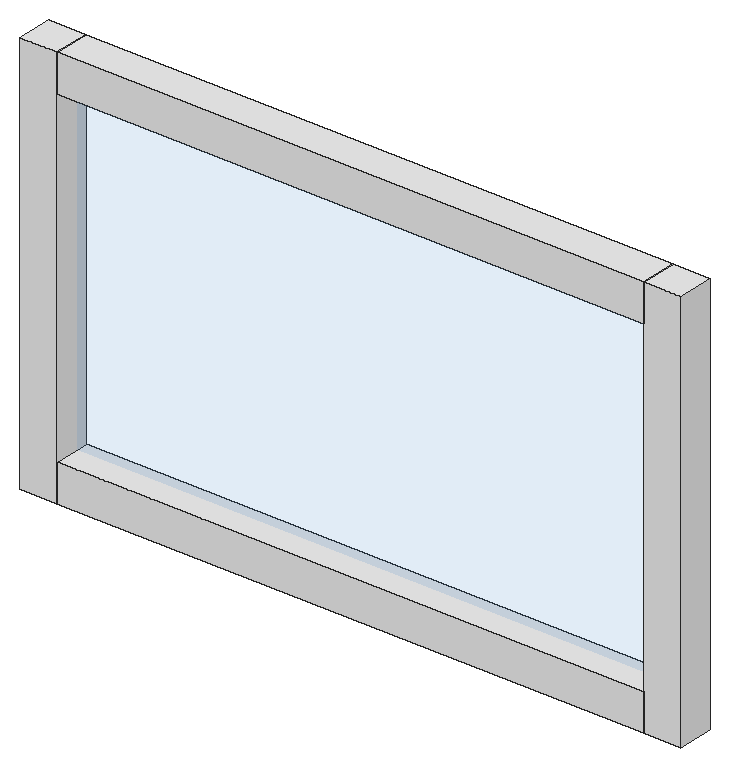
Revit family "Window_Curtain_Wall-Project_Out-Kawneer-AA4325", category Windows, Revit 2015
Parameters (values of type "AA4325 - Project_Out - Vent")
  Window Width [instance] = if(or(CTRL Configuration Number = 2, CTRL Configuration Number = 6, CTRL Configuration Number = 7), CTRL Active Panel Right Width + CTRL Active Panel Left Width + 0' 1 3/4", CTRL Window Width)  # 5' - 0"
  Window Top Inset [instance] = 0' - 0"  # constant formula
  Window Right Inset [instance] = 0' - 0"  # constant formula
  Window Left Inset [instance] = 0' - 0"  # constant formula
  Window Height [instance] = if(or(CTRL Configuration Number = 3, CTRL Configuration Number = 4, CTRL Configuration Number = 6, CTRL Configuration Number = 7), CTRL Panel Fixed Height + CTRL Panel Active Height - 0' 0 9/32", if(CTRL Configuration Number = 5, CTRL Panel Fixed Height + CTRL Panel Active Height - 0' 0 17/64", CTRL Window Height))  # 3' - 0"
  Window Bottom Inset [instance] = 0' - 0"  # constant formula
  Width Minimum = 2' - 0"
  Width Maximum = 5' - 0"
  URL = "http://www.kawneer.com/kawneer/north_america/en/info_page/home.asp"
  Type Comments = ""
  Sill Width = 0' - 3 3/8"  # constant formula
  Product data url = "https://bimobject.com/kawneerna/product/43250"
  Panel Configuration = if(CTRL Configuration Number < 2, "Vent", if(CTRL Configuration Number = 2, "Vent/Vent", if(CTRL Configuration Number = 3, "Vent Fixed-Bottom", if(CTRL Configuration Number = 4, "Fixed/Vent-Bottom", if(CTRL Configuration Number = 5, "Fixed/Vent-Bottom", if(CTRL Configuration Number = 6, "Vent/Vent/Double Fixed Top", if(CTRL Configuration Number = 7, "Vent/Vent/Fixed Top", "Vent")))))))  # "Vent"
  Model = "AA 4325"  # constant formula
  Manufacturer = "Kawneer"  # constant formula
  Keynote = ""
  Jamb Width = 0' - 3 3/8"  # constant formula
  Height Minimum = 1' - 7"
  Height Maximum = 3' - 0"
  Head Width = if(Has Fixed Panel Top, 0' 2 1/4", if(Has Fixed Panel Bottom, 0' 2 1/4", 0' 3 3/8"))  # 0' - 3 3/8"
  Has Triple Glazing [instance] = not(Has Dual Glazing)  # no
  Has Fixed Panel Top = or(CTRL Configuration Number = 4, CTRL Configuration Number = 5, CTRL Configuration Number = 6, CTRL Configuration Number = 7)  # no
  Has Fixed Panel Bottom = or(CTRL Configuration Number = 3)  # no
  Has Equal Panel Heights [instance] = no
  Has Equal Fixed Horizontal Mullion [instance] = yes
  Has Equal Active Panel Width [instance] = yes
  Has Dual Glazing [instance] = yes
  Glazing Thickness [instance] = if(Has Triple Glazing, 0' 2", 0' 1")  # 0' - 1"
  Glazing Material = Glass - Kawneer - Clear
  Frame Material = Metal - Kawneer - Aluminum
  Fixed Sill Width = 0' - 2 1/4"  # constant formula
  Fixed Panel Height [instance] = 3' - 0"
  Fixed Jamb Width = 0' - 2 1/4"  # constant formula
  Fixed Horizontal Mullion Height [instance] = 2' - 0"
  Fixed Horizontal Mullion [instance] = if(Has Equal Fixed Horizontal Mullion, CTRL Panel Fixed Height / 2, Fixed Horizontal Mullion Height)  # 1' - 6 9/128"
  Description = "Project Out Window"  # constant formula
  Depth = 0' - 3 1/4"  # constant formula
  Copyright © = ""
  Construction Type = ""
  Interior Offset [instance] = 0' - 0"  # constant formula
  CTRL Window Width [instance] = if(CTRL Opening Width - Window Right Inset - Window Left Inset < Width Minimum, Width Minimum, if(CTRL Opening Width - Window Right Inset - Window Left Inset > Width Maximum, Width Maximum, CTRL Opening Width - Window Right Inset - Window Left Inset))  # 5' - 0"
  CTRL Window Height [instance] = if(CTRL Opening Height - Window Top Inset - Window Bottom Inset < Height Minimum, Height Minimum, if(CTRL Opening Height - Window Top Inset - Window Bottom Inset > Height Maximum, Height Maximum, CTRL Opening Height - Window Top Inset - Window Bottom Inset))  # 3' - 0"
  CTRL Window Bottom Offset [instance] = if(CTRL Configuration Number = 3, CTRL Fixed Panel Bottom Height + Fixed Sill Width + Window Bottom Inset, 0' 0" + Window Bottom Inset)  # 0' - 0"
  CTRL Top Mullion Offset = if(CTRL Configuration Number > 3, 0' 0", 0' 1 1/8")  # 0' - 1 1/8"
  CTRL Right Panel Inset [instance] = Depth + 0' 0 1/8"  # 0' - 3 3/8"
  CTRL Panel Right Visibility [instance] = or(CTRL Configuration Number = 2, CTRL Configuration Number = 6, CTRL Configuration Number = 7)  # no
  CTRL Panel Middle Visibility [instance] = CTRL Configuration Number > 3  # no
  CTRL Panel Left Visibility [instance] = 1 = 1  # yes
  CTRL Panel Fixed Top Inset [instance] = if(CTRL Configuration Number = 3, CTRL Panel Active Height - Head Width + 0' 1 5/8", 0' 0")  # 0' - 0"
  CTRL Panel Fixed Right Inset [instance] = 0' - 0"  # constant formula
  CTRL Panel Fixed Height [instance] = if(CTRL Configuration Number = 5, if((Fixed Panel Height * 2) + 0' 0 1/8" > (Height Maximum * 2), (Height Maximum * 2 + 0' 0 1/8"), if((Fixed Panel Height * 2) + 0' 0 1/8" < (Height Minimum * 2), (Height Minimum * 2 + 0' 0 1/8"), ((Fixed Panel Height * 2) + 0' 0 1/8"))), if(Has Equal Panel Heights, if(((Fixed Panel Height + Active Panel Height) / 2) + 0' 0 9/64" > Height Maximum, Height Maximum + 0' 0 9/64", if(Fixed Panel Height + 0' 0 9/64" > Height Maximum, ((Fixed Panel Height + Active Panel Height) / 2) + 0' 0 9/64", if(Fixed Panel Height + 0' 0 9/64" < Height Minimum, ((Fixed Panel Height + Active Panel Height) / 2) + 0' 0 9/64", ((Fixed Panel Height + Active Panel Height) / 2) + 0' 0 9/64"))), if(Fixed Panel Height + 0' 0 9/64" > Height Maximum, Height Maximum + 0' 0 9/64", if(Fixed Panel Height + 0' 0 9/64" < Height Minimum, Height Minimum + 0' 0 9/64", Fixed Panel Height + 0' 0 9/64"))))  # 3' - 0 9/64"
  CTRL Panel Active Width [instance] = if(CTRL Configuration Number = 2, (CTRL Window Width / 2) - 0' 0 31/32", if(CTRL Configuration Number = 6, (CTRL Window Width / 2) - 0' 0 31/32", if(CTRL Configuration Number = 7, (CTRL Window Width / 2) - 0' 0 31/32", CTRL Window Width - (0' 0 27/32" * 2))))  # 4' - 10 5/16"
  CTRL Panel Active Top Inset [instance] = if(CTRL Configuration Number = 3, CTRL Panel Active Height + 0' 1", if(Has Fixed Panel Top, CTRL Panel Fixed Height - 0' 1 1/8", 0' 0 27/32"))  # 0' - 0 27/32"
  CTRL Panel Active Right Inset [instance] = 0' - 0 27/32"  # constant formula
  CTRL Panel Active Frame Width = 0' - 2 3/8"  # constant formula
  CTRL Panel Active Height [instance] = if(CTRL Configuration Number < 3, CTRL Window Height - 0' 0 31/32", if(Has Equal Panel Heights, if(((Fixed Panel Height + Active Panel Height) / 2) + 0' 0 9/64" > Height Maximum, Height Maximum + 0' 0 9/64", if(Active Panel Height + 0' 0 9/64" > Height Maximum, ((Fixed Panel Height + Active Panel Height) / 2) + 0' 0 9/64", if(Active Panel Height + 0' 0 9/64" < Height Minimum, ((Fixed Panel Height + Active Panel Height) / 2) + 0' 0 9/64", ((Fixed Panel Height + Active Panel Height) / 2) + 0' 0 9/64"))), if(Active Panel Height + 0' 0 9/64" > Height Maximum, Height Maximum + 0' 0 9/64", if(Active Panel Height + 0' 0 9/64" < Height Minimum, Height Minimum + 0' 0 9/64", Active Panel Height + 0' 0 9/64"))))  # 2' - 11 1/32"
  CTRL Mullion Vertical Visibility [instance] = or(CTRL Configuration Number = 2, CTRL Configuration Number = 6, CTRL Configuration Number = 7)  # no
  CTRL Mullion Horizontal Visibility [instance] = or(CTRL Configuration Number = 4, CTRL Configuration Number = 5, CTRL Configuration Number = 6)  # no
  CTRL Mullion Fixed Visibility = or(CTRL Configuration Number = 5, CTRL Configuration Number = 7)  # no
  CTRL Panel Middle Visibility 2 = or(CTRL Configuration Number = 5)  # no
  CTRL Lite Width [instance] = if(CTRL Configuration Number > 3, ((CTRL Window Width) - (0' 2 7/16" * 2) - 0' 5") / 3, ((CTRL Window Width) - (0' 2 7/16" * 2) - 0' 2 1/2") / 2)  # 2' - 2 5/16"
  CTRL Opening Width [instance] = 9' - 11 11/16"
  CTRL Opening Height [instance] = 3' - 8"
  CTRL Middle Panel Inset [instance] = 0' - 0"  # constant formula
  CTRL Left Panel Inset [instance] = Depth + 0' 0 1/8"  # 0' - 3 3/8"
  Exterior Offset [instance] = 0' - 0"  # constant formula
  CTRL Fixed Panel Top Visibility 2 = or(CTRL Configuration Number = 4)  # no
  CTRL Fixed Panel Top Visibility = or(CTRL Configuration Number = 5, CTRL Configuration Number = 6, CTRL Configuration Number = 7)  # no
  CTRL Fixed Panel Bottom Height [instance] = if(CTRL Configuration Number = 3, CTRL Panel Fixed Height - Fixed Sill Width - 0' 2 3/4", 0' 5")  # 0' - 5"
  CTRL Fixed Horizontal Mullion Placement [instance] = if(CTRL Configuration Number = 5, Fixed Horizontal Mullion, CTRL Fixed Horizontal Mullion)  # 2' - 11 17/64"
  CTRL Fixed Horizontal Mullion [instance] = if(CTRL Configuration Number = 3, CTRL Panel Active Height + 0' 1", if(CTRL Configuration Number = 5, CTRL Panel Fixed Height / 2, CTRL Panel Fixed Height - 0' 0 7/8"))  # 2' - 11 17/64"
  CTRL Configuration Number = 1
  CTRL Center Mullion Width = 0' - 1 1/4"  # constant formula
  CTRL Center Mullion Visibility 2 = yes
  CTRL Center Mullion Visibility = or(CTRL Configuration Number = 3, CTRL Configuration Number = 4, CTRL Configuration Number = 5, CTRL Configuration Number = 6)  # no
  CTRL Center Mullion Offset [instance] = if(or(CTRL Configuration Number = 7, CTRL Configuration Number = 3), CTRL Panel Fixed Height - Head Width, 0' 0")  # 0' - 0"
  CTRL Center Mullion L/R Offset = if(CTRL Configuration Number = 3, 0' 0", if(CTRL Configuration Number = 5, 0' 0", 0' 1 1/8"))  # 0' - 1 1/8"
  CTRL Active Panel Right Width [instance] = if(or(CTRL Configuration Number = 1, CTRL Configuration Number = 3, CTRL Configuration Number = 4, CTRL Configuration Number = 5), CTRL Window Width - (0' 0 27/32" * 2), if(Has Equal Active Panel Width, if(((Active Panel Left Width + Active Panel Right Width) / 2) - 0' 0 7/8" > Width Maximum, Width Maximum - 0' 0 7/8", if(Active Panel Right Width - 0' 0 7/8" > Width Maximum, ((Active Panel Left Width + Active Panel Right Width) / 2) - 0' 0 7/8", if(Active Panel Right Width - 0' 0 7/8" < Width Minimum, ((Active Panel Left Width + Active Panel Right Width) / 2) - 0' 0 7/8", ((Active Panel Left Width + Active Panel Right Width) / 2) - 0' 0 7/8"))), if(Active Panel Right Width - 0' 0 7/8" > Width Maximum, Width Maximum - 0' 0 7/8", if(Active Panel Right Width - 0' 0 7/8" < Width Minimum, Width Minimum - 0' 0 7/8", Active Panel Right Width - 0' 0 7/8"))))  # 4' - 10 5/16"
  CTRL Active Panel Left Width [instance] = if(or(CTRL Configuration Number = 1, CTRL Configuration Number = 3, CTRL Configuration Number = 4, CTRL Configuration Number = 5), CTRL Window Width - (0' 0 27/32" * 2), if(Has Equal Active Panel Width, if(((Active Panel Left Width + Active Panel Right Width) / 2) - 0' 0 7/8" > Width Maximum, Width Maximum - 0' 0 7/8", if(Active Panel Left Width - 0' 0 7/8" > Width Maximum, ((Active Panel Left Width + Active Panel Right Width) / 2) - 0' 0 7/8", if(Active Panel Left Width - 0' 0 7/8" < Width Minimum, ((Active Panel Left Width + Active Panel Right Width) / 2) - 0' 0 7/8", ((Active Panel Right Width + Active Panel Left Width) / 2) - 0' 0 7/8"))), if(Active Panel Left Width - 0' 0 7/8" > Width Maximum, Width Maximum - 0' 0 7/8", if(Active Panel Left Width - 0' 0 7/8" < Width Minimum, Width Minimum - 0' 0 7/8", Active Panel Left Width - 0' 0 7/8"))))  # 4' - 10 5/16"
  CTRL Active Frame Height [instance] = if(CTRL Configuration Number = 3, (CTRL Panel Active Height + 0' 2 15/32"), if(CTRL Configuration Number < 4, CTRL Panel Active Height + 0' 1 11/16", CTRL Panel Active Height + 0' 2 7/32"))  # 3' - 0 23/32"
  Assembly Code = "B2020110"
  Active Panel Right Width [instance] = 5' - 0"
  Active Panel Left Width [instance] = 5' - 0"
  Active Panel Height [instance] = 3' - 0"
Reference planes (in)
  plane 1 "Front": y = 0
  plane 2 "Original Ref. Plane": z = 0
  plane 3 "Center (Left/Right)": x = 23.65048
  plane 4 "Left": x = -36.19327
  plane 5 "Right": x = 83.49423
  plane 6 "Top": z = 44
  plane 7 "Window Interior Offset": y = 0
  plane 8 "Window Center F/B": y = 0
  plane 9 "Exterior/Back": y = 1.625
  plane 10 "Interior/Front": y = -1.625
  plane 11 "Window Left": x = -36.19327
  plane 12 "Window Right": x = 23.80673
  plane 13 "Window Top": z = 36.71875
  plane 14 "Head Bottom": z = 33.34375
  plane 15 "Frame Left": x = -32.81827
  plane 16 "Frame Right": x = 20.43173
  plane 17 "Sill Top": z = 3.375
  plane 18 "Window Bottom": z = 0
  plane 19 "Panel Right L Inset": x = -32.97452
  plane 20 "Panel Right L": x = -35.34952
  plane 21 "Active Panel Top Inset": z = 33.5
  plane 22 "Right Glass Ext. Offset": y = 1.75
  plane 23 "Right Glass Int. Offset": y = -1.5
  plane 24 "Right Panel Center L/R": y = 0.125
  plane 25 "Right Glass Exterior": y = 1.625
  plane 26 "Right Glass Interior": y = 0.625
  plane 27 "Mid Glass Ext. Offset": y = 1.625
  plane 28 "Mid Glass Int. Offset": y = -1.625
  plane 29 "Mid Panel Center L/R": y = 0
  plane 30 "Mid Glass Exterior": y = 1.5
  plane 31 "Mid Glass Interior": y = 0.5
  plane 32 "Left Glass Ext. Offset": y = 1.75
  plane 33 "Left Glass Int. Offset": y = -1.5
  plane 34 "Left Glass Exterior": y = 1.625
  plane 35 "Left Glass Interior": y = 0.625
  plane 36 "Panel Left R": x = 22.96298
  plane 37 "Panel Left R Inset": x = 20.58798
  plane 38 "Mid Panel Left Rail R": x = -32.81827
  plane 39 "Mid Panel Left Rail L": x = -36.19327
  plane 40 "Mid Panel Right Rail R": x = 23.80673
  plane 41 "Mid Panel Right Rail L": x = 20.43173
  plane 42 "Exterior/Back Inset": y = 1.53125
  plane 43 "Interior/Front Inset": y = -1.53125
  plane 44 "Panel Right Center L/R": x = -6.19327
  plane 45 "Panel Middle Center L/R": x = -6.19327
  plane 46 "Panel Left Center L/R": x = -6.19327
  plane 47 "Left Panel Center L/R": y = 0.125
  plane 48 "Center Elevation": z = 18.35938
  plane 49: y = -4.84375
  plane 50 "Active Panel Top": z = 35.875
  plane 51 "Panel Right R": x = 22.96298
  plane 52 "Panel Right R Inset": x = 20.58798
  plane 53 "Fixed Panel Top Inset": z = 33.34375
  plane 54 "Fixed Panel Top": z = 36.71875
  plane 55 "Active Panel Bottom": z = 0.84375
  plane 56 "Active Panel Bottom Inset": z = 3.21875
  plane 57 "Panel Left L": x = -35.34952
  plane 58 "Panel Left L Inset": x = -32.97452
  plane 59 "Left Glass Center L/R": y = 1.125
  plane 60 "Mid Glass Center L/R": y = 1
  plane 61 "Right Glass Center L/R": y = 1.125
  plane 62 "Fixed Panel Center T/B": z = 1.82813
  plane 63 "Fixed Panel Center T": z = 3.07813
  plane 64 "Fixed Panel Center B": z = 0.57812
  plane 65 "Mullion Middle Center R": x = 24.46298
  plane 66 "Mullion Middle Center L": x = 21.21298
  plane 67 "Window Center L/R": x = 22.83798
  plane 68 "Horizontal Fixed Mullion T/B": z = 1.45313
  plane 69 "Horizontal Fixed Mullion Top": z = 3.07813
  plane 70 "Horizontal Fixed Mullion Bottom": z = -0.17188
  plane 71 "Center Mullion Top": z = 33.34375
  plane 72 "Active Frame Offset": z = 36.71875
  plane 73 "Fixed Jamb Left": x = -33.94327
  plane 74 "Fixed Jamb Right": x = 21.55673
  plane 75: z = -5
  plane 76: z = -7.25
  plane 77 "Top Mullion Left": x = -32.81827
  plane 78 "Top Mullion Right": x = 20.43173
  plane 79 "Center Mullion Left": x = -32.81827
  plane 80 "Center Mullion Right": x = 20.43173
Forms (in)
  Sweep 1, solid, material "Metal - Kawneer - Aluminum" <- "Frame Material"
    path origin (-167.07026, 0, 40.44358) x (-1, 0, 0) y (0, 0, 1)
      loop
        line (-190.72074, -40.44358) -> (-190.72074, -3.72483)
    profile origin (23.65048, 0, 18.35938) x (1, 0, 0) y (0, 1, 0)
      loop
        line (-56.46875, -1.625) -> (-56.46875, 1.625) -> (-59.84375, 1.625) -> (-59.84375, -1.625) -> (-56.46875, -1.625)
      loop
        line (-3.21875, -1.625) -> (0.15625, -1.625) -> (0.15625, 1.625) -> (-3.21875, 1.625) -> (-3.21875, -1.625)
  Sweep 2, solid, material "Metal - Kawneer - Aluminum" <- "Frame Material", visible <- "CTRL Center Mullion Visibility 2"
    path origin (-167.07026, 0, 40.31858) x (-1, 0, 0) y (0, 0, 1)
      loop
        line (-187.50199, -40.07858) -> (-134.25199, -40.07858)
    profile origin (-6.19327, 0, 0.24) x (0, 0, 1) y (0, 1, 0)
      loop
        line (3.135, -1.625) -> (3.135, 1.625) -> (-0.24, 1.625) -> (-0.24, -1.625) -> (3.135, -1.625)
  Sweep 3, solid, material "Metal - Kawneer - Aluminum" <- "Frame Material"
    path origin (-168.26142, 0, 112.26409) x (-1, 0, 0) y (0, 0, 1)
      loop
        line (-188.69314, -78.92034) -> (-135.44314, -78.92034)
    profile origin (-6.19327, 0, 33.34375) x (0, 0, 1) y (0, 1, 0)
      loop
        line (0, 1.625) -> (0, -1.625) -> (3.375, -1.625) -> (3.375, 1.625) -> (0, 1.625)
  Sweep 4, solid, material "Glass - Kawneer - Clear" <- "Glazing Material", visible <- "CTRL Panel Left Visibility"
    path origin (0, -5.15625, 0) x (-1, 0, 0) y (0, 0, 1)
      loop
        line (32.97452, 3.21875) -> (-20.58798, 3.21875)
    profile origin (-6.19327, -5.15625, 3.21875) x (0, 0, -1) y (0, 1, 0)
      loop
        line (0, 6.78125) -> (-30.28125, 6.78125) -> (-30.28125, 5.78125) -> (0, 5.78125) -> (0, 6.78125)
  Sweep 5, solid, material "Glass - Kawneer - Clear" <- "Glazing Material", visible <- "CTRL Panel Right Visibility"
    path origin (0, 0.125, 0) x (-1, 0, 0) y (0, 0, 1)
      loop
        line (32.97452, 3.21875) -> (-20.58798, 3.21875)
    profile origin (-6.19327, 0.125, 3.21875) x (0, 0, -1) y (0, 1, 0)
      loop
        line (0, 1.5) -> (-30.28125, 1.5) -> (-30.28125, 0.5) -> (0, 0.5) -> (0, 1.5)
  Sweep 6, solid, material "Glass - Kawneer - Clear" <- "Glazing Material", visible <- "CTRL Panel Middle Visibility"
    path origin (0, 0, 0) x (-1, 0, 0) y (0, 0, 1)
      loop
        line (33.94327, 3.07813) -> (-21.55673, 3.07813)
    profile origin (-6.19327, 0, 3.07813) x (0, 0, -1) y (0, 1, 0)
      loop
        line (0, 1.5) -> (-30.26562, 1.5) -> (-30.26562, 0.5) -> (0, 0.5) -> (0, 1.5)
  Sweep 7, solid, material "Metal - Kawneer - Aluminum" <- "Frame Material", visible <- "CTRL Panel Right Visibility"
    path origin (0, 0.125, 0) x (-1, 0, 0) y (0, 0, 1)
      loop
        line (-22.96298, 35.875) -> (-22.96298, 0.84375) -> (35.34952, 0.84375) -> (35.34952, 35.875) -> (-22.96298, 35.875)
    profile origin (22.96298, 0.125, 18.35938) x (0, 1, 0) y (-1, 0, 0)
      loop
        line (-1.625, 0) -> (1.625, 0) -> (1.625, 2.375) -> (-1.625, 2.375) -> (-1.625, 0)
  Sweep 8, solid, material "Metal - Kawneer - Aluminum" <- "Frame Material", visible <- "CTRL Panel Left Visibility"
    path origin (0, 0.125, 0) x (-1, 0, 0) y (0, 0, 1)
      loop
        line (35.34952, 35.875) -> (-22.96298, 35.875) -> (-22.96298, 0.84375) -> (35.34952, 0.84375) -> (35.34952, 35.875)
    profile origin (-35.34952, 0.125, 18.35938) x (0, 1, 0) y (-1, 0, 0)
      loop
        line (-1.625, 0) -> (-1.625, -2.375) -> (1.625, -2.375) -> (1.625, 0) -> (-1.625, 0)
  Sweep 9, solid, material "Metal - Kawneer - Aluminum" <- "Frame Material", visible <- "CTRL Mullion Vertical Visibility"
    path origin (-9.49052, 0, -0.0999) x (-1, 0, 0) y (0, 0, 1)
      loop
        line (-3.29725, 3.4749) -> (-3.29725, 33.44365)
    profile origin (-6.19327, 0, 18.35938) x (1, 0, 0) y (0, 1, 0)
      loop
        line (27.40625, -1.625) -> (30.65625, -1.625) -> (30.65625, 1.625) -> (27.40625, 1.625) -> (27.40625, -1.625)
  Sweep 10, solid, material "Metal - Kawneer - Aluminum" <- "Frame Material", visible <- "CTRL Mullion Horizontal Visibility"
    path origin (-0.62226, 0, -3.457) x (-1, 0, 0) y (0, 0, 1)
      loop
        line (-21.05399, 5.28512) -> (32.19601, 5.28512)
    profile origin (-6.19327, 0, 1.82813) x (0, 0, 1) y (0, 1, 0)
      loop
        line (1.25, -1.625) -> (1.25, 1.625) -> (-1.25, 1.625) -> (-1.25, -1.625) -> (1.25, -1.625)
  Sweep 11, solid, material "Metal - Kawneer - Aluminum" <- "Frame Material", visible <- "CTRL Mullion Fixed Visibility"
    path origin (-0.39356, 0, 6.14847) x (-1, 0, 0) y (0, 0, 1)
      loop
        line (-20.82529, -4.69534) -> (32.42471, -4.69534)
    profile origin (-6.19327, 0, 1.45313) x (0, 0, 1) y (0, 1, 0)
      loop
        line (1.625, -1.625) -> (1.625, 1.625) -> (-1.625, 1.625) -> (-1.625, -1.625) -> (1.625, -1.625)
  Sweep 12, solid, material "Metal - Kawneer - Aluminum" <- "Frame Material", visible <- "Has Fixed Panel Top"
    path origin (0, 0, 0) x (1, 0, 0) y (0, 0, 1)
      loop
        line (22.83798, 36.71875) -> (22.83798, 3.07813)
    profile origin (22.83798, 0, 19.89844) x (0, -1, 0) y (1, 0, 0)
      loop
        line (-1.625, -1.28125) -> (1.625, -1.28125) -> (1.625, 0.96875) -> (-1.625, 0.96875) -> (-1.625, -1.28125)
      loop
        line (-1.625, -56.78125) -> (-1.625, -59.03125) -> (1.625, -59.03125) -> (1.625, -56.78125) -> (-1.625, -56.78125)
  Sweep 13, solid, material "Metal - Kawneer - Aluminum" <- "Frame Material", visible <- "Has Fixed Panel Bottom"
    path origin (0, 0.125, 0) x (-1, 0, 0) y (0, 0, 1)
      loop
        line (-21.55673, -5) -> (33.94327, -5)
    profile origin (-6.19327, 0.125, -5) x (0, 0, 1) y (0, 1, 0)
      loop
        line (0, -1.75) -> (0, 1.5) -> (-2.25, 1.5) -> (-2.25, -1.75) -> (0, -1.75)
  Sweep 14, solid, material "Metal - Kawneer - Aluminum" <- "Frame Material", visible <- "Has Fixed Panel Bottom"
    path origin (0, 0.125, 0) x (-1, 0, 0) y (0, 0, 1)
      loop
        line (-22.83798, 0) -> (-22.83798, -7.25)
    profile origin (22.83798, 0.125, -3.625) x (0, 1, 0) y (-1, 0, 0)
      loop
        line (1.5, 1.28125) -> (-1.75, 1.28125) -> (-1.75, -0.96875) -> (1.5, -0.96875) -> (1.5, 1.28125)
      loop
        line (1.5, 59.03125) -> (-1.75, 59.03125) -> (-1.75, 56.78125) -> (1.5, 56.78125) -> (1.5, 59.03125)
  Extrusion 15, solid, material "Glass - Kawneer - Clear" <- "Glazing Material", visible <- "Has Fixed Panel Bottom"
    sketch origin (0, 0.125, 0) x (-1, 0, 0) y (0, 0, 1)
      loop
        line (-21.55673, 0) -> (-21.55673, -5) -> (33.94327, -5) -> (33.94327, 0) -> (-21.55673, 0)
    from 0.375 to 1.375
Lines and regions (in)
  Masking region 1
    outline origin (23.65048, 0, 0) x (0, 1, 0) y (0, 0, 1)
      loop
        line (1.75, 0) -> (1.75, 36.71875) -> (-1.625, 36.71875) -> (-1.625, 0) -> (1.75, 0)
  Masking region 2, not visible
    outline origin (0, 1.5625, 0) x (-1, 0, 0) y (0, 0, 1)
      loop
        line (-20.43173, 0) -> (-20.43173, 36.71875) -> (-23.80673, 36.71875) -> (-23.80673, 0) -> (-20.43173, 0)
      loop
        line (32.81827, 0) -> (36.19327, 0) -> (36.19327, 36.71875) -> (32.81827, 36.71875) -> (32.81827, 0)
  Masking region 3
    outline origin (0, 0, 0) x (-1, 0, 0) y (0, 0, 1)
      loop
        line (-20.43173, 0) -> (-20.43173, 36.71875) -> (-23.80673, 36.71875) -> (-23.80673, 0) -> (-20.43173, 0)
      loop
        line (32.81827, 0) -> (36.19327, 0) -> (36.19327, 36.71875) -> (32.81827, 36.71875) -> (32.81827, 0)
  Masking region 4
    outline origin (0, 0, 0) x (-1, 0, 0) y (0, 0, 1)
      loop
        line (-20.43173, 33.34375) -> (32.81827, 33.34375) -> (32.81827, 36.71875) -> (-20.43173, 36.71875) -> (-20.43173, 33.34375)
      loop
        line (-20.43173, 3.375) -> (-20.43173, 0) -> (32.81827, 0) -> (32.81827, 3.375) -> (-20.43173, 3.375)
  Masking region 5, visible <- "CTRL Panel Left Visibility", detail levels medium+fine
    outline origin (0, 1.75, 0) x (-1, 0, 0) y (0, 0, 1)
      loop
        line (32.97452, 33.5) -> (-20.58798, 33.5) -> (-20.58798, 3.21875) -> (32.97452, 3.21875) -> (32.97452, 33.5)
      loop
        line (35.34952, 35.875) -> (-22.96298, 35.875) -> (-22.96298, 0.84375) -> (35.34952, 0.84375) -> (35.34952, 35.875)
  Masking region 6, visible <- "CTRL Panel Right Visibility", detail levels medium+fine
    outline origin (0, 1.75, 0) x (-1, 0, 0) y (0, 0, 1)
      loop
        line (-20.58798, 33.5) -> (-20.58798, 3.21875) -> (32.97452, 3.21875) -> (32.97452, 33.5) -> (-20.58798, 33.5)
      loop
        line (-22.96298, 35.875) -> (-22.96298, 0.84375) -> (35.34952, 0.84375) -> (35.34952, 35.875) -> (-22.96298, 35.875)
  Masking region 7, visible <- "CTRL Panel Right Visibility"
    outline origin (0, 1.125, 0) x (-1, 0, 0) y (0, 0, 1)
      loop
        line (32.97452, 3.21875) -> (32.97452, 33.5) -> (-20.58798, 33.5) -> (-20.58798, 3.21875) -> (32.97452, 3.21875)
  Masking region 8
    outline origin (0, 1, 0) x (-1, 0, 0) y (0, 0, 1)
      loop
        line (33.94327, 3.07813) -> (33.94327, 33.34375) -> (-21.55673, 33.34375) -> (-21.55673, 3.07813) -> (33.94327, 3.07813)
  Masking region 9
    outline origin (0, 1.125, 0) x (-1, 0, 0) y (0, 0, 1)
      loop
        line (32.97452, 3.21875) -> (32.97452, 33.5) -> (-20.58798, 33.5) -> (-20.58798, 3.21875) -> (32.97452, 3.21875)
  Masking region 10, visible <- "CTRL Mullion Vertical Visibility"
    outline origin (0, 1, 0) x (-1, 0, 0) y (0, 0, 1)
      loop
        line (-21.21298, 3.375) -> (-21.21298, 33.34375) -> (-24.46298, 33.34375) -> (-24.46298, 3.375) -> (-21.21298, 3.375)
  Masking region 11, visible <- "CTRL Mullion Horizontal Visibility"
    outline origin (0, 1.625, 0) x (-1, 0, 0) y (0, 0, 1)
      loop
        line (32.81827, 0.57812) -> (32.81827, 3.07813) -> (-20.43173, 3.07813) -> (-20.43173, 0.57812) -> (32.81827, 0.57812)
  Masking region 12, visible <- "CTRL Center Mullion Visibility"
    outline origin (0, 1.625, 9.25) x (-1, 0, 0) y (0, 0, 1)
      loop
        line (33.94327, -9.42187) -> (33.94327, -6.17187) -> (-21.55673, -6.17187) -> (-21.55673, -9.42187) -> (33.94327, -9.42187)
  Masking region 13
    outline origin (36.31827, -12, 18.35938) x (1, 0, 0) y (0, 1, 0)
      loop
        line (-72.51154, 13.75) -> (-72.51154, 10.375) -> (-12.51154, 10.375) -> (-12.51154, 13.75) -> (-72.51154, 13.75)
  Masking region 14, visible <- "Has Fixed Panel Top"
    outline origin (0, 0.125, 0) x (-1, 0, 0) y (0, 0, 1)
      loop
        line (-23.80673, 36.71875) -> (-23.80673, 3.07813) -> (-21.55673, 3.07813) -> (-21.55673, 36.71875) -> (-23.80673, 36.71875)
      loop
        line (33.94327, 36.71875) -> (33.94327, 3.07813) -> (36.19327, 3.07813) -> (36.19327, 36.71875) -> (33.94327, 36.71875)
  Masking region 15, visible <- "Has Fixed Panel Bottom"
    outline origin (0, 0.125, 0) x (-1, 0, 0) y (0, 0, 1)
      loop
        line (-21.55673, 0) -> (-21.55673, -5) -> (33.94327, -5) -> (33.94327, 0) -> (-21.55673, 0)
  Masking region 16, visible <- "Has Fixed Panel Bottom"
    outline origin (0, 0.125, 0) x (-1, 0, 0) y (0, 0, 1)
      loop
        line (33.94327, 0) -> (33.94327, -7.25) -> (36.19327, -7.25) -> (36.19327, 0) -> (33.94327, 0)
      loop
        line (-23.80673, 0) -> (-23.80673, -7.25) -> (-21.55673, -7.25) -> (-21.55673, 0) -> (-23.80673, 0)
  Masking region 17, visible <- "Has Fixed Panel Bottom"
    outline origin (0, 0.125, 0) x (-1, 0, 0) y (0, 0, 1)
      loop
        line (-21.55673, -5) -> (-21.55673, -7.25) -> (33.94327, -7.25) -> (33.94327, -5) -> (-21.55673, -5)
  Masking region 18, visible <- "CTRL Mullion Fixed Visibility"
    outline origin (0, 0.125, 0) x (-1, 0, 0) y (0, 0, 1)
      loop
        line (-21.55673, 3.07813) -> (-21.55673, -0.17187) -> (33.94327, -0.17187) -> (33.94327, 3.07813) -> (-21.55673, 3.07813)
  Masking region 19, visible <- "Has Fixed Panel Bottom"
    outline origin (83.49423, 0, 0) x (0, -1, 0) y (0, 0, 1)
      loop
        line (1.625, 0) -> (-1.75, 0) -> (-1.75, -7.25) -> (1.625, -7.25) -> (1.625, 0)
  Masking region 20, visible <- "CTRL Fixed Panel Top Visibility"
    outline origin (83.49423, 0, 0) x (0, -1, 0) y (0, 0, 1)
      loop
        line (1.625, 36.71875) -> (-1.75, 36.71875) -> (-1.75, 3.375) -> (1.625, 3.375) -> (1.625, 36.71875)
  symbolic lines, style "Elevation Swing", visible <- "CTRL Panel Right Visibility", detail levels fine
    curve 1: line (-6.19327, 0.125, 33.5) -> (20.58798, 0.125, 3.21875)
    curve 2: line (-32.97452, 0.125, 3.21875) -> (-6.19327, 0.125, 33.5)
  symbolic lines, style "Elevation Swing", visible <- "CTRL Panel Left Visibility", detail levels fine
    curve 3: line (-6.19327, 0.125, 33.5) -> (-32.97452, 0.125, 3.21875)
    curve 4: line (20.58798, 0.125, 3.21875) -> (-6.19327, 0.125, 33.5)
  symbolic lines, style "WindowsGlassProjection", visible <- "CTRL Panel Left Visibility", detail levels medium+fine
    curve 5: line (-32.81827, 0.625, 18.35938) -> (20.58798, 0.625, 18.35938)
    curve 6: line (20.58798, 1.625, 18.35938) -> (-32.81827, 1.625, 18.35938)
    curve 27: line (83.49423, 0.625, 33.5) -> (83.49423, 0.625, 3.375)
    curve 29: line (83.49423, 1.625, 33.5) -> (83.49423, 1.625, 3.375)
  symbolic lines, style "WindowsGlassProjection", visible <- "CTRL Panel Right Visibility", detail levels medium+fine
    curve 7: line (-32.97452, 1.625, 18.35938) -> (20.43173, 1.625, 18.35938)
    curve 8: line (20.43173, 0.625, 18.35938) -> (-32.97452, 0.625, 18.35938)
    curve 24: line (83.49423, 0.625, 33.5) -> (83.49423, 0.625, 3.375)
    curve 26: line (83.49423, 1.625, 33.5) -> (83.49423, 1.625, 3.375)
  symbolic lines, style "WindowsGlassProjection", visible <- "CTRL Panel Left Visibility", detail levels coarse
    curve 9: line (-32.81827, 1.125, 18.35938) -> (20.58798, 1.125, 18.35938)
    curve 28: line (83.49423, 1.125, 33.5) -> (83.49423, 1.125, 3.375)
  symbolic lines, style "WindowsGlassProjection", visible <- "CTRL Panel Right Visibility", detail levels coarse
    curve 10: line (20.43173, 1.125, 18.35938) -> (-32.97452, 1.125, 18.35938)
    curve 25: line (83.49423, 1.125, 33.5) -> (83.49423, 1.125, 3.375)
  symbolic lines, style "WindowsFrameMullionProjection", visible <- "CTRL Panel Left Visibility"
    curve 11: line (-32.81827, 1.75, 18.35938) -> (-32.81827, -1.625, 18.35938)
    curve 12: line (20.58798, 1.75, 18.35938) -> (20.58798, -1.625, 18.35938)
  symbolic lines, style "WindowsFrameMullionProjection", visible <- "CTRL Panel Right Visibility"
    curve 13: line (20.43173, 1.75, 18.35938) -> (20.43173, -1.625, 18.35938)
    curve 14: line (-32.97452, 1.75, 18.35938) -> (-32.97452, -1.625, 18.35938)
  symbolic lines, style "WindowsFrameMullionProjection", visible <- "Has Fixed Panel Bottom"
    curve 15: line (83.49423, -1.625, -5) -> (83.49423, 1.75, -5)
  symbolic lines, style "WindowsGlassProjection", visible <- "Has Fixed Panel Bottom", detail levels medium+fine
    curve 16: line (83.49423, 0.5, 0) -> (83.49423, 0.5, -5)
    curve 17: line (83.49423, 1.5, 0) -> (83.49423, 1.5, -5)
  symbolic lines, style "WindowsGlassProjection", visible <- "Has Fixed Panel Bottom", detail levels coarse
    curve 18: line (83.49423, 1, 0) -> (83.49423, 1, -5)
  symbolic lines, style "WindowsFrameMullionProjection"
    curve 19: line (83.49423, -1.625, 3.375) -> (83.49423, 1.625, 3.375)
    curve 30: line (83.49423, 1.625, 3.375) -> (83.49423, 1.75, 3.375)
    curve 31: line (83.49423, -1.625, 36.71875) -> (83.49423, 1.75, 36.71875)
    curve 32: line (83.49423, -1.625, 33.5) -> (83.49423, 1.75, 33.5)
  symbolic lines, style "WindowsGlassProjection", visible <- "CTRL Panel Middle Visibility", detail levels coarse
    curve 20: line (83.49423, 1, 33.34375) -> (83.49423, 1, 3.07813)
  symbolic lines, style "WindowsGlassProjection", visible <- "CTRL Panel Middle Visibility 2", detail levels medium+fine
    curve 21: line (83.49423, 0.5, -0.17187) -> (83.49423, 0.5, 36.71875)
    curve 23: line (83.49423, 1.5, -0.17187) -> (83.49423, 1.5, 36.71875)
  symbolic lines, style "WindowsGlassProjection", visible <- "CTRL Panel Middle Visibility 2", detail levels coarse
    curve 22: line (83.49423, 1, -0.17187) -> (83.49423, 1, 36.71875)
  symbolic lines, style "WindowsFrameMullionProjection", visible <- "CTRL Fixed Panel Top Visibility"
    curve 33: line (83.49423, -1.625, 3.07813) -> (83.49423, 1.75, 3.07813)
    curve 34: line (83.49423, -1.625, -0.17187) -> (83.49423, 1.75, -0.17187)
    curve 38: line (83.49423, -1.625, 33.34375) -> (83.49423, 1.75, 33.34375)
  symbolic lines, style "WindowsGlassProjection", visible <- "CTRL Fixed Panel Top Visibility", detail levels medium+fine
    curve 35: line (83.49423, 0.5, 33.34375) -> (83.49423, 0.5, 3.07813)
    curve 37: line (83.49423, 1.5, 33.34375) -> (83.49423, 1.5, 3.07813)
  symbolic lines, style "WindowsGlassProjection", visible <- "CTRL Fixed Panel Top Visibility", detail levels coarse
    curve 36: line (83.49423, 1, 3.07813) -> (83.49423, 1, 33.34375)
  symbolic lines, style "WindowsFrameMullionProjection", visible <- "CTRL Fixed Panel Top Visibility 2"
    curve 39: line (83.49423, -1.625, 33.34375) -> (83.49423, 1.75, 33.34375)
  symbolic lines, style "WindowsGlassProjection", visible <- "CTRL Fixed Panel Top Visibility 2", detail levels medium+fine
    curve 40: line (83.49423, 0.5, 33.34375) -> (83.49423, 0.5, 36.71875)
    curve 42: line (83.49423, 1.5, 33.34375) -> (83.49423, 1.5, 36.71875)
  symbolic lines, style "WindowsGlassProjection", visible <- "CTRL Fixed Panel Top Visibility 2", detail levels coarse
    curve 41: line (83.49423, 1, 33.34375) -> (83.49423, 1, 36.71875)
Text (in)
  text "Exterior" at (-89.86254, 22.28177, 0), in view "Ref. Level"
  text "Exterior" at (480, 41.53993, 89.60405), in view "Right"
  text "Exterior" at (-240, 57.82419, 105.78864), in view "Left"
Dimensions and locks (in)
  equal spacing: plane 4 "Left", plane 3 "Center (Left/Right)", plane 5 "Right"
  "Interior Offset": plane 7 "Window Interior Offset" to plane 1 "Front"
  "Exterior Offset": plane 8 "Window Center F/B" to plane 7 "Window Interior Offset"
  equal spacing: plane 9 "Exterior/Back", plane 8 "Window Center F/B", plane 10 "Interior/Front"
  "Depth": plane 9 "Exterior/Back" to plane 10 "Interior/Front"
  "Head Width": plane 14 "Head Bottom" to plane 13 "Window Top"
  "Jamb Width": plane 16 "Frame Right" to plane 12 "Window Right"
  "Jamb Width": plane 11 "Window Left" to plane 15 "Frame Left"
  "Sill Width": plane 18 "Window Bottom" to plane 17 "Sill Top"
  "CTRL Opening Height": plane 2 "Original Ref. Plane" to plane 6 "Top"
  "CTRL Opening Width": plane 4 "Left" to plane 5 "Right"
  "Glazing Thickness": plane 26 "Right Glass Interior" to plane 25 "Right Glass Exterior"
  "Glazing Thickness": plane 31 "Mid Glass Interior" to plane 30 "Mid Glass Exterior"
  "Glazing Thickness": plane 35 "Left Glass Interior" to plane 34 "Left Glass Exterior"
  "CTRL Panel Active Frame Width": plane 37 "Panel Left R Inset" to plane 36 "Panel Left R"
  "Jamb Width": plane 41 "Mid Panel Right Rail L" to plane 40 "Mid Panel Right Rail R"
  "Jamb Width": plane 39 "Mid Panel Left Rail L" to plane 38 "Mid Panel Left Rail R"
  locked: plane 10 "Interior/Front" to plane 43 "Interior/Front Inset" at 0.09375
  locked: plane 42 "Exterior/Back Inset" to plane 9 "Exterior/Back" at 0.09375
  "CTRL Right Panel Inset": plane 10 "Interior/Front" to plane 22 "Right Glass Ext. Offset"
  "CTRL Middle Panel Inset": plane 10 "Interior/Front" to plane 28 "Mid Glass Int. Offset"
  "CTRL Left Panel Inset": plane 10 "Interior/Front" to plane 32 "Left Glass Ext. Offset"
  "Window Left Inset": plane 4 "Left" to plane 11 "Window Left"
  "Window Width": plane 11 "Window Left" to plane 12 "Window Right"
  equal spacing: plane 55 "Active Panel Bottom", plane 48 "Center Elevation", plane 50 "Active Panel Top"
  plane 41 "Mid Panel Right Rail L" to plane 40 "Mid Panel Right Rail R" = 0' - 3 3/8"
  equal spacing: plane 33 "Left Glass Int. Offset", plane 47 "Left Panel Center L/R", plane 32 "Left Glass Ext. Offset"
  "Depth": plane 33 "Left Glass Int. Offset" to plane 32 "Left Glass Ext. Offset"
  equal spacing: plane 28 "Mid Glass Int. Offset", plane 29 "Mid Panel Center L/R", plane 27 "Mid Glass Ext. Offset"
  "Depth": plane 28 "Mid Glass Int. Offset" to plane 27 "Mid Glass Ext. Offset"
  equal spacing: plane 23 "Right Glass Int. Offset", plane 24 "Right Panel Center L/R", plane 22 "Right Glass Ext. Offset"
  "Depth": plane 23 "Right Glass Int. Offset" to plane 22 "Right Glass Ext. Offset"
  locked: plane 34 "Left Glass Exterior" to plane 32 "Left Glass Ext. Offset" at 0.125
  locked: plane 30 "Mid Glass Exterior" to plane 27 "Mid Glass Ext. Offset" at 0.125
  locked: plane 25 "Right Glass Exterior" to plane 22 "Right Glass Ext. Offset" at 0.125
  "CTRL Panel Active Frame Width": plane 21 "Active Panel Top Inset" to plane 50 "Active Panel Top"
  "CTRL Panel Active Frame Width": plane 52 "Panel Right R Inset" to plane 51 "Panel Right R"
  "Head Width": plane 53 "Fixed Panel Top Inset" to plane 54 "Fixed Panel Top"
  "CTRL Panel Active Frame Width": plane 20 "Panel Right L" to plane 19 "Panel Right L Inset"
  "CTRL Panel Active Frame Width": plane 55 "Active Panel Bottom" to plane 56 "Active Panel Bottom Inset"
  "CTRL Panel Active Frame Width": plane 58 "Panel Left L Inset" to plane 57 "Panel Left L"
  equal spacing: plane 20 "Panel Right L", plane 44 "Panel Right Center L/R", plane 51 "Panel Right R"
  equal spacing: plane 57 "Panel Left L", plane 46 "Panel Left Center L/R", plane 36 "Panel Left R"
  equal spacing: plane 39 "Mid Panel Left Rail L", plane 45 "Panel Middle Center L/R", plane 40 "Mid Panel Right Rail R"
  "CTRL Panel Active Height": plane 55 "Active Panel Bottom" to plane 50 "Active Panel Top"
  "CTRL Active Panel Right Width": plane 20 "Panel Right L" to plane 51 "Panel Right R"
  "CTRL Active Panel Left Width": plane 57 "Panel Left L" to plane 36 "Panel Left R"
  "CTRL Panel Fixed Top Inset": plane 54 "Fixed Panel Top" to plane 13 "Window Top"
  "CTRL Panel Active Top Inset": plane 50 "Active Panel Top" to plane 13 "Window Top"
  "CTRL Panel Fixed Right Inset": plane 40 "Mid Panel Right Rail R" to plane 12 "Window Right"
  "CTRL Panel Active Right Inset": plane 51 "Panel Right R" to plane 12 "Window Right"
  locked: plane 11 "Window Left" to plane 57 "Panel Left L" at 0.84375
  equal spacing: plane 35 "Left Glass Interior", plane 59 "Left Glass Center L/R", plane 34 "Left Glass Exterior"
  equal spacing: plane 31 "Mid Glass Interior", plane 60 "Mid Glass Center L/R", plane 30 "Mid Glass Exterior"
  equal spacing: plane 26 "Right Glass Interior", plane 61 "Right Glass Center L/R", plane 25 "Right Glass Exterior"
  "CTRL Panel Fixed Height": plane 64 "Fixed Panel Center B" to plane 54 "Fixed Panel Top"
  plane 66 "Mullion Middle Center L" to plane 67 "Window Center L/R" to plane 65 "Mullion Middle Center R" = 0' - 1 5/8" locked, 0' - 1 5/8" locked
  plane 70 "Horizontal Fixed Mullion Bottom" to plane 68 "Horizontal Fixed Mullion T/B" to plane 69 "Horizontal Fixed Mullion Top" = 0' - 1 5/8" locked, 0' - 1 5/8" locked
  "CTRL Center Mullion Offset": plane 71 "Center Mullion Top" to plane 14 "Head Bottom"
  "CTRL Fixed Horizontal Mullion Placement": plane 68 "Horizontal Fixed Mullion T/B" to plane 13 "Window Top"
  "CTRL Active Frame Height": plane 18 "Window Bottom" to plane 72 "Active Frame Offset"
  "Fixed Jamb Width": plane 74 "Fixed Jamb Right" to plane 12 "Window Right"
  "Fixed Jamb Width": plane 11 "Window Left" to plane 73 "Fixed Jamb Left"
  "Fixed Sill Width": plane 76 to plane 75
  "CTRL Fixed Panel Bottom Height": plane 75 to plane 18 "Window Bottom"
  "CTRL Window Bottom Offset": plane 2 "Original Ref. Plane" to plane 18 "Window Bottom"
  locked: plane 64 "Fixed Panel Center B" to plane 62 "Fixed Panel Center T/B" at 1.25
  "CTRL Center Mullion Width": plane 62 "Fixed Panel Center T/B" to plane 63 "Fixed Panel Center T"
  "CTRL Top Mullion Offset": plane 78 "Top Mullion Right" to plane 74 "Fixed Jamb Right"
  "CTRL Top Mullion Offset": plane 73 "Fixed Jamb Left" to plane 77 "Top Mullion Left"
  "CTRL Center Mullion L/R Offset": plane 80 "Center Mullion Right" to plane 74 "Fixed Jamb Right"
  "CTRL Center Mullion L/R Offset": plane 73 "Fixed Jamb Left" to plane 79 "Center Mullion Left"
  locked: plane 18 "Window Bottom" to plane 55 "Active Panel Bottom" at 0.84375
  plane 11 "Window Left" to plane 12 "Window Right" = 5' - 0"
  locked: plane 67 "Window Center L/R" to plane 36 "Panel Left R" at 0.125
  aligned and locked: level to plane 2 "Original Ref. Plane"
  aligned and locked: Sweep 1 sketch curve to plane 3 "Center (Left/Right)"
  aligned and locked: plane 11 "Window Left" to Sweep 1 sketch curve
  aligned and locked: Sweep 1 sketch curve to plane 15 "Frame Left"
  aligned and locked: Sweep 1 sketch curve to plane 10 "Interior/Front"
  aligned and locked: plane 12 "Window Right" to Sweep 1 sketch curve
  aligned and locked: Sweep 1 sketch curve to plane 16 "Frame Right"
  aligned and locked: plane 10 "Interior/Front" to Sweep 1 sketch curve
  aligned and locked: plane 17 "Sill Top" to Sweep 2 sketch curve
  aligned and locked: Sweep 3 sketch curve to plane 14 "Head Bottom"
  aligned and locked: plane 10 "Interior/Front" to Sweep 3 sketch curve
  aligned: plane 18 "Window Bottom" to Sweep 1
  aligned and locked: plane 18 "Window Bottom" to Sweep 2 sketch curve
  aligned and locked: plane 16 "Frame Right" to Sweep 2 sketch curve
  aligned and locked: plane 15 "Frame Left" to Sweep 2 sketch curve
  aligned and locked: plane 18 "Window Bottom" to Sweep 1 sketch curve
  aligned and locked: Sweep 4 sketch curve to plane 21 "Active Panel Top Inset"
  aligned and locked: Sweep 4 sketch curve to plane 34 "Left Glass Exterior"
  aligned and locked: plane 35 "Left Glass Interior" to Sweep 4 sketch curve
  aligned and locked: plane 37 "Panel Left R Inset" to Sweep 4 sketch curve
  aligned and locked: plane 19 "Panel Right L Inset" to Sweep 5 sketch curve
  aligned and locked: plane 26 "Right Glass Interior" to Sweep 5 sketch curve
  aligned and locked: Sweep 5 sketch curve to plane 25 "Right Glass Exterior"
  aligned and locked: Sweep 5 sketch curve to plane 21 "Active Panel Top Inset"
  aligned and locked: plane 10 "Interior/Front" to Sweep 2 sketch curve
  aligned and locked: plane 31 "Mid Glass Interior" to Sweep 6 sketch curve
  aligned and locked: Sweep 6 sketch curve to plane 30 "Mid Glass Exterior"
  aligned and locked: Sweep 4 to plane 35 "Left Glass Interior"
  aligned and locked: plane 34 "Left Glass Exterior" to Sweep 4
  aligned and locked: plane 23 "Right Glass Int. Offset" to Sweep 7 sketch curve
  aligned and locked: Sweep 8 sketch curve to plane 33 "Left Glass Int. Offset"
  aligned and locked: plane 32 "Left Glass Ext. Offset" to Sweep 8 sketch curve
  aligned and locked: Masking region 2 sketch curve to plane 16 "Frame Right"
  aligned and locked: Masking region 2 sketch curve to plane 15 "Frame Left"
  aligned and locked: plane 12 "Window Right" to Masking region 3 sketch curve
  aligned and locked: Masking region 3 sketch curve to plane 16 "Frame Right"
  aligned and locked: plane 18 "Window Bottom" to Masking region 3 sketch curve
  aligned and locked: Masking region 3 sketch curve to plane 18 "Window Bottom"
  aligned and locked: Masking region 3 sketch curve to plane 15 "Frame Left"
  aligned and locked: plane 11 "Window Left" to Masking region 3 sketch curve
  aligned and locked: plane 17 "Sill Top" to Masking region 4 sketch curve
  aligned and locked: Masking region 4 sketch curve to plane 16 "Frame Right"
  aligned and locked: Masking region 4 sketch curve to plane 18 "Window Bottom"
  aligned and locked: plane 15 "Frame Left" to Masking region 4 sketch curve
  aligned and locked: plane 21 "Active Panel Top Inset" to Masking region 5 sketch curve
  aligned and locked: Masking region 5 sketch curve to plane 37 "Panel Left R Inset"
  aligned and locked: Masking region 6 sketch curve to plane 21 "Active Panel Top Inset"
  aligned and locked: Masking region 6 sketch curve to plane 19 "Panel Right L Inset"
  aligned and locked: plane 50 "Active Panel Top" to Masking region 6 sketch curve
  aligned and locked: plane 50 "Active Panel Top" to Sweep 7 sketch curve
  aligned and locked: Masking region 6 sketch curve to plane 51 "Panel Right R"
  aligned and locked: Masking region 6 sketch curve to plane 52 "Panel Right R Inset"
  aligned and locked: Sweep 7 sketch curve to plane 51 "Panel Right R"
  aligned and locked: Sweep 7 sketch curve to plane 52 "Panel Right R Inset"
  aligned and locked: plane 51 "Panel Right R" to Sweep 7 sketch curve
  aligned and locked: Sweep 7 sketch curve to plane 22 "Right Glass Ext. Offset"
  aligned and locked: plane 52 "Panel Right R Inset" to Sweep 5 sketch curve
  aligned and locked: Sweep 7 sketch curve to plane 20 "Panel Right L"
  aligned and locked: plane 20 "Panel Right L" to Masking region 6 sketch curve
  aligned and locked: Masking region 6 sketch curve to plane 56 "Active Panel Bottom Inset"
  aligned and locked: plane 55 "Active Panel Bottom" to Masking region 6 sketch curve
  aligned and locked: plane 36 "Panel Left R" to Masking region 5 sketch curve
  aligned and locked: Masking region 5 sketch curve to plane 50 "Active Panel Top"
  aligned and locked: plane 58 "Panel Left L Inset" to Masking region 5 sketch curve
  aligned and locked: plane 57 "Panel Left L" to Masking region 5 sketch curve
  aligned and locked: plane 56 "Active Panel Bottom Inset" to Masking region 5 sketch curve
  aligned and locked: Masking region 5 sketch curve to plane 55 "Active Panel Bottom"
  aligned and locked: plane 57 "Panel Left L" to Sweep 8 sketch curve
  aligned and locked: plane 50 "Active Panel Top" to Sweep 8 sketch curve
  aligned and locked: Sweep 8 sketch curve to plane 36 "Panel Left R"
  aligned and locked: Sweep 8 sketch curve to plane 55 "Active Panel Bottom"
  aligned and locked: plane 58 "Panel Left L Inset" to Sweep 8 sketch curve
  aligned and locked: Sweep 8 sketch curve to plane 57 "Panel Left L"
  aligned and locked: plane 56 "Active Panel Bottom Inset" to Sweep 5 sketch curve  (x2)
  aligned and locked: plane 58 "Panel Left L Inset" to Sweep 4 sketch curve
  aligned and locked: plane 56 "Active Panel Bottom Inset" to Sweep 4 sketch curve  (x2)
  aligned and locked: Sweep 6 sketch curve to plane 53 "Fixed Panel Top Inset"
  aligned and locked: plane 55 "Active Panel Bottom" to Sweep 7 sketch curve
  aligned and locked: plane 56 "Active Panel Bottom Inset" to curve 2
  aligned and locked: plane 19 "Panel Right L Inset" to curve 2
  aligned and locked: plane 21 "Active Panel Top Inset" to curve 1
  aligned and locked: plane 58 "Panel Left L Inset" to curve 3
  aligned and locked: Sweep 8 to plane 21 "Active Panel Top Inset"
  aligned and locked: Sweep 7 to plane 21 "Active Panel Top Inset"
  aligned and locked: plane 56 "Active Panel Bottom Inset" to Masking region 7 sketch curve
  aligned and locked: Masking region 7 sketch curve to plane 19 "Panel Right L Inset"
  aligned and locked: plane 52 "Panel Right R Inset" to Masking region 7 sketch curve
  aligned and locked: Masking region 7 sketch curve to plane 21 "Active Panel Top Inset"
  aligned and locked: Masking region 8 sketch curve to plane 53 "Fixed Panel Top Inset"
  aligned and locked: plane 58 "Panel Left L Inset" to Masking region 9 sketch curve
  aligned and locked: Masking region 9 sketch curve to plane 21 "Active Panel Top Inset"
  aligned and locked: plane 37 "Panel Left R Inset" to Masking region 9 sketch curve
  aligned and locked: plane 56 "Active Panel Bottom Inset" to Masking region 9 sketch curve
  aligned and locked: plane 37 "Panel Left R Inset" to curve 4
  aligned and locked: plane 56 "Active Panel Bottom Inset" to curve 4
  aligned and locked: plane 56 "Active Panel Bottom Inset" to curve 3
  aligned and locked: plane 44 "Panel Right Center L/R" to curve 1
  aligned and locked: plane 56 "Active Panel Bottom Inset" to curve 1
  aligned and locked: plane 52 "Panel Right R Inset" to curve 1
  aligned and locked: plane 45 "Panel Middle Center L/R" to Sweep 9 sketch curve
  aligned and locked: Sweep 9 sketch curve to plane 28 "Mid Glass Int. Offset"
  aligned and locked: plane 27 "Mid Glass Ext. Offset" to Sweep 9 sketch curve
  aligned and locked: Sweep 9 sketch curve to plane 66 "Mullion Middle Center L"
  aligned and locked: Sweep 9 sketch curve to plane 65 "Mullion Middle Center R"
  aligned and locked: plane 41 "Mid Panel Right Rail L" to Sweep 10 sketch curve
  aligned and locked: Sweep 10 sketch curve to plane 62 "Fixed Panel Center T/B"
  aligned and locked: Sweep 10 sketch curve to plane 63 "Fixed Panel Center T"
  aligned and locked: Sweep 10 sketch curve to plane 64 "Fixed Panel Center B"
  aligned and locked: Sweep 10 sketch curve to plane 27 "Mid Glass Ext. Offset"
  aligned and locked: plane 28 "Mid Glass Int. Offset" to Sweep 10 sketch curve
  aligned and locked: plane 17 "Sill Top" to Sweep 9 sketch curve
  aligned and locked: plane 15 "Frame Left" to Sweep 10 sketch curve
  aligned and locked: plane 63 "Fixed Panel Center T" to Sweep 6 sketch curve  (x2)
  aligned and locked: plane 63 "Fixed Panel Center T" to Masking region 8 sketch curve
  aligned and locked: plane 21 "Active Panel Top Inset" to curve 4
  aligned and locked: plane 46 "Panel Left Center L/R" to curve 4
  aligned and locked: plane 17 "Sill Top" to Masking region 10 sketch curve
  aligned and locked: plane 65 "Mullion Middle Center R" to Masking region 10 sketch curve
  aligned and locked: plane 66 "Mullion Middle Center L" to Masking region 10 sketch curve
  aligned and locked: plane 16 "Frame Right" to Masking region 11 sketch curve
  aligned and locked: Masking region 11 sketch curve to plane 64 "Fixed Panel Center B"
  aligned and locked: Masking region 11 sketch curve to plane 63 "Fixed Panel Center T"
  aligned and locked: Masking region 11 sketch curve to plane 15 "Frame Left"
  aligned and locked: Sweep 11 sketch curve to plane 68 "Horizontal Fixed Mullion T/B"
  aligned and locked: Sweep 11 sketch curve to plane 69 "Horizontal Fixed Mullion Top"
  aligned and locked: plane 70 "Horizontal Fixed Mullion Bottom" to Sweep 11 sketch curve
  aligned and locked: Sweep 11 sketch curve to plane 27 "Mid Glass Ext. Offset"
  aligned and locked: plane 28 "Mid Glass Int. Offset" to Sweep 11 sketch curve
  aligned and locked: Masking region 12 sketch curve to plane 69 "Horizontal Fixed Mullion Top"
  aligned and locked: plane 70 "Horizontal Fixed Mullion Bottom" to Masking region 12 sketch curve
  aligned and locked: Masking region 13 sketch curve to plane 22 "Right Glass Ext. Offset"
  aligned and locked: Sweep 5 to plane 26 "Right Glass Interior"
  aligned and locked: plane 25 "Right Glass Exterior" to Sweep 5
  aligned and locked: Sweep 1 sketch curve to plane 9 "Exterior/Back"
  aligned and locked: plane 9 "Exterior/Back" to Sweep 1 sketch curve
  aligned and locked: plane 9 "Exterior/Back" to Sweep 3 sketch curve
  aligned and locked: plane 9 "Exterior/Back" to Sweep 2 sketch curve
  aligned and locked: plane 71 "Center Mullion Top" to Sweep 9 sketch curve
  aligned and locked: Masking region 10 sketch curve to plane 71 "Center Mullion Top"
  aligned and locked: plane 72 "Active Frame Offset" to Sweep 1 sketch curve
  aligned and locked: Masking region 2 sketch curve to plane 72 "Active Frame Offset"
  aligned and locked: plane 72 "Active Frame Offset" to Masking region 2 sketch curve
  aligned and locked: plane 72 "Active Frame Offset" to Masking region 3 sketch curve
  aligned and locked: Masking region 3 sketch curve to plane 72 "Active Frame Offset"
  aligned and locked: plane 54 "Fixed Panel Top" to Sweep 12 sketch curve
  aligned and locked: Sweep 12 sketch curve to plane 67 "Window Center L/R"
  aligned and locked: plane 11 "Window Left" to Sweep 12 sketch curve
  aligned and locked: Sweep 12 sketch curve to plane 73 "Fixed Jamb Left"
  aligned and locked: plane 9 "Exterior/Back" to Sweep 12 sketch curve
  aligned and locked: Sweep 12 sketch curve to plane 10 "Interior/Front"
  aligned and locked: Sweep 12 sketch curve to plane 74 "Fixed Jamb Right"
  aligned and locked: Sweep 12 sketch curve to plane 9 "Exterior/Back"
  aligned and locked: plane 12 "Window Right" to Sweep 12 sketch curve
  aligned and locked: plane 10 "Interior/Front" to Sweep 12 sketch curve
  aligned and locked: plane 74 "Fixed Jamb Right" to Sweep 6 sketch curve
  aligned and locked: plane 73 "Fixed Jamb Left" to Sweep 6 sketch curve
  aligned and locked: plane 74 "Fixed Jamb Right" to Masking region 8 sketch curve
  aligned and locked: Masking region 8 sketch curve to plane 73 "Fixed Jamb Left"
  aligned and locked: Masking region 12 sketch curve to plane 73 "Fixed Jamb Left"
  aligned and locked: plane 74 "Fixed Jamb Right" to Masking region 12 sketch curve
  aligned and locked: plane 63 "Fixed Panel Center T" to Sweep 12 sketch curve
  aligned and locked: Sweep 13 sketch curve to plane 75  (x2)
  aligned and locked: plane 76 to Sweep 13 sketch curve
  aligned and locked: plane 10 "Interior/Front" to Sweep 13 sketch curve
  aligned and locked: Sweep 13 sketch curve to plane 9 "Exterior/Back"
  aligned and locked: plane 67 "Window Center L/R" to Sweep 14 sketch curve
  aligned and locked: plane 18 "Window Bottom" to Sweep 14 sketch curve
  aligned and locked: Sweep 14 sketch curve to plane 11 "Window Left"
  aligned and locked: plane 10 "Interior/Front" to Sweep 14 sketch curve  (x2)
  aligned and locked: Sweep 14 sketch curve to plane 9 "Exterior/Back"  (x2)
  aligned and locked: plane 73 "Fixed Jamb Left" to Sweep 14 sketch curve
  aligned and locked: Sweep 14 sketch curve to plane 74 "Fixed Jamb Right"
  aligned and locked: plane 12 "Window Right" to Sweep 14 sketch curve
  aligned and locked: plane 76 to Sweep 14 sketch curve
  aligned and locked: plane 74 "Fixed Jamb Right" to Extrusion 15 sketch curve
  aligned and locked: Extrusion 15 sketch curve to plane 18 "Window Bottom"
  aligned and locked: Extrusion 15 sketch curve to plane 73 "Fixed Jamb Left"
  aligned and locked: plane 75 to Extrusion 15 sketch curve
  aligned and locked: Extrusion 15 to plane 31 "Mid Glass Interior"
  aligned and locked: plane 30 "Mid Glass Exterior" to Extrusion 15
  aligned and locked: Masking region 14 sketch curve to plane 13 "Window Top"  (x2)
  aligned and locked: Masking region 14 sketch curve to plane 74 "Fixed Jamb Right"
  aligned and locked: plane 12 "Window Right" to Masking region 14 sketch curve
  aligned and locked: plane 73 "Fixed Jamb Left" to Masking region 14 sketch curve
  aligned and locked: Masking region 14 sketch curve to plane 11 "Window Left"
  aligned and locked: plane 63 "Fixed Panel Center T" to Masking region 14 sketch curve  (x2)
  aligned and locked: plane 74 "Fixed Jamb Right" to Masking region 15 sketch curve
  aligned and locked: Masking region 15 sketch curve to plane 18 "Window Bottom"
  aligned and locked: plane 75 to Masking region 15 sketch curve
  aligned and locked: Masking region 15 sketch curve to plane 73 "Fixed Jamb Left"
  aligned and locked: Masking region 16 sketch curve to plane 18 "Window Bottom"  (x2)
  aligned and locked: plane 12 "Window Right" to Masking region 16 sketch curve
  aligned and locked: plane 76 to Masking region 16 sketch curve  (x2)
  aligned and locked: Masking region 16 sketch curve to plane 74 "Fixed Jamb Right"
  aligned and locked: plane 73 "Fixed Jamb Left" to Masking region 16 sketch curve
  aligned and locked: Masking region 16 sketch curve to plane 11 "Window Left"
  aligned and locked: plane 74 "Fixed Jamb Right" to Masking region 17 sketch curve
  aligned and locked: plane 76 to Masking region 17 sketch curve
  aligned and locked: Masking region 17 sketch curve to plane 75
  aligned and locked: Masking region 17 sketch curve to plane 73 "Fixed Jamb Left"
  aligned and locked: Masking region 18 sketch curve to plane 69 "Horizontal Fixed Mullion Top"
  aligned and locked: plane 70 "Horizontal Fixed Mullion Bottom" to Masking region 18 sketch curve
  aligned and locked: Sweep 3 sketch curve to plane 54 "Fixed Panel Top"
  aligned and locked: Masking region 4 sketch curve to plane 54 "Fixed Panel Top"
  aligned and locked: plane 53 "Fixed Panel Top Inset" to Masking region 4 sketch curve
  aligned and locked: Sweep 3 sketch curve to plane 53 "Fixed Panel Top Inset"
  aligned and locked: Masking region 13 sketch curve to plane 11 "Window Left"
  aligned and locked: plane 10 "Interior/Front" to Masking region 13 sketch curve
  aligned and locked: plane 12 "Window Right" to Masking region 13 sketch curve
  aligned and locked: plane 16 "Frame Right" to curve 7
  aligned and locked: plane 16 "Frame Right" to curve 8
  aligned and locked: curve 7 to plane 25 "Right Glass Exterior"
  aligned and locked: plane 26 "Right Glass Interior" to curve 8
  aligned and locked: curve 5 to plane 35 "Left Glass Interior"
  aligned and locked: curve 9 to plane 59 "Left Glass Center L/R"
  aligned and locked: plane 61 "Right Glass Center L/R" to curve 10
  aligned and locked: plane 22 "Right Glass Ext. Offset" to curve 13
  aligned and locked: plane 10 "Interior/Front" to curve 13
  aligned and locked: plane 10 "Interior/Front" to curve 14
  aligned and locked: plane 10 "Interior/Front" to curve 11
  aligned and locked: plane 10 "Interior/Front" to curve 12
  aligned and locked: plane 32 "Left Glass Ext. Offset" to curve 11
  aligned and locked: plane 22 "Right Glass Ext. Offset" to curve 14
  aligned and locked: plane 19 "Panel Right L Inset" to curve 14
  aligned and locked: plane 37 "Panel Left R Inset" to curve 12
  aligned and locked: plane 15 "Frame Left" to curve 11
  aligned and locked: plane 32 "Left Glass Ext. Offset" to curve 12
  aligned and locked: plane 18 "Window Bottom" to Masking region 1 sketch curve
  aligned and locked: plane 10 "Interior/Front" to Masking region 1 sketch curve
  aligned and locked: Masking region 1 sketch curve to plane 32 "Left Glass Ext. Offset"
  aligned and locked: plane 76 to Masking region 19 sketch curve
  aligned and locked: Masking region 19 sketch curve to plane 18 "Window Bottom"
  aligned and locked: plane 10 "Interior/Front" to Masking region 19 sketch curve
  aligned and locked: Masking region 19 sketch curve to plane 32 "Left Glass Ext. Offset"
  aligned and locked: curve 15 to plane 75
  aligned and locked: plane 10 "Interior/Front" to curve 15
  aligned and locked: plane 32 "Left Glass Ext. Offset" to curve 15
  aligned and locked: curve 16 to plane 31 "Mid Glass Interior"
  aligned and locked: curve 18 to plane 60 "Mid Glass Center L/R"
  aligned and locked: curve 17 to plane 30 "Mid Glass Exterior"
  aligned and locked: plane 75 to curve 16
  aligned and locked: plane 18 "Window Bottom" to curve 17
  aligned and locked: plane 18 "Window Bottom" to curve 16
  aligned and locked: plane 18 "Window Bottom" to curve 18
  aligned and locked: plane 10 "Interior/Front" to curve 19
  aligned and locked: curve 19 to plane 17 "Sill Top"
  aligned and locked: plane 53 "Fixed Panel Top Inset" to curve 20
  aligned and locked: plane 70 "Horizontal Fixed Mullion Bottom" to curve 23
  aligned and locked: plane 72 "Active Frame Offset" to curve 22
  aligned and locked: curve 21 to plane 31 "Mid Glass Interior"
  aligned and locked: curve 20 to plane 60 "Mid Glass Center L/R"
  aligned and locked: curve 22 to plane 60 "Mid Glass Center L/R"
  aligned and locked: curve 23 to plane 30 "Mid Glass Exterior"
